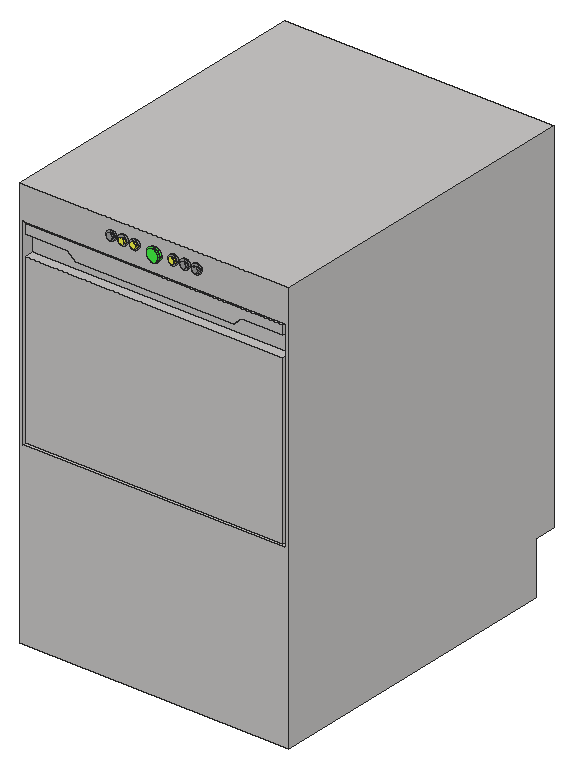
Revit family "QF_ZANUSSI_402238_ZSDIAG", category Specialty Equipment, Revit 2018
Family settings
  Round Connector Dimension = Use Diameter
  Part Type = Normal
  Work Plane-Based = No
  Always vertical = Yes
  Cut with Voids When Loaded = No
  Shared = No
  Room Calculation Point = No
Parameters
  Weight = 37.00 kg
  Watts = 0 W
  Volts = 0 V
  URL Manufacturer = ""
  URL = "http://professional.electrolux.com/"
  Steam Supply Size = 0 mm
  Steam Supply Minimum Pressure = 0.0 Pa
  Steam Supply Maximum Pressure = 0.0 Pa
  Steam Pounds per Hour = 0
  Show Logo [instance] = yes
  Show Clearance [instance] = yes
  Refrigeration Suction Line Size = 0 mm
  Refrigeration Liquid Line Size = 0 mm
  Refrigerant Compressor Remote = yes
  Manufacturer = ""
  Phase = 0
  Model = ""
  Length Actual = 460 mm  # constant formula
  Item Number = ""
  Hot Water Size = 0 mm
  Height Actual = 715 mm  # constant formula
  HP = "4.4 HP"
  Gas Size = 0 mm
  Gas KW = 0
  Gas Input Pressure = 0 W
  Direct Waste Size = 22 mm
  Description = ""
  Depth Actual = 565 mm  # constant formula
  Cycle = 0 Hz
  Condensate Return Size = 0 mm
  Compressed Air Volume = 0.0 L/s
  Compressed Air Size = 0 mm
  Compressed Air Pressure = 0.0 Pa
  Cold Water Size = 0 mm
  Accessory = yes
Types (2, lengths in mm): name | Volts | URL Manufacturer | URL | Manufacturer | Phase | Model | Item Number | Description | Cycle | Cold Water Size
  (no name) | 0 V | "" | "http://professional.electrolux.com/" | "" | 0 | "" | "" | "" | 0 Hz | 0
  Standard | 220 V | "http://professional.electrolux.com" | "http://professional.electrolux.com" | "Electrolux Professional" | 1 | "ESDIAG" | "402230" | "GLASSWASHER(S), INS. DOUBLE SKIN, WASH-SAFE, DP, DD, 30B/H" | 50 Hz | 19.05
Reference planes
  plane 1 "Center (Front/Back)": y = 0
  plane 2: z = 0
  plane 3 "Center (Left/Right)": x = 0
  plane 4 "LEFT": x = -230
  plane 5 "RIGHT": x = 230
  plane 6 "FRONT": y = -282.5
  plane 7 "BACK": y = 282.5
  plane 8: x = -202.5
  plane 9: x = 202.5
  plane 10: z = 715
  plane 11: z = 10
Forms (mm)
  Extrusion 1, solid, material "QF_Finishes_Stainless Steel"
    sketch origin (0, 0, 0) x (1, 0, 0) y (0, 1, 0)
      loop
        line (-230, -282.5) -> (230, -282.5) -> (230, 243.5) -> (-230, 243.5) -> (-230, -282.5)
    from 10 to 715
  Extrusion 2, solid, material "QF_Finishes_Stainless Steel"
    sketch origin (0, 0, 0) x (1, 0, 0) y (0, 1, 0)
      loop
        line (-230, 243.5) -> (230, 243.5) -> (230, 282.5) -> (-230, 282.5) -> (-230, 243.5)
    from 100 to 715
  Extrusion 3, solid, material "QF_Finishes_Stainless Steel"
    sketch origin (0, 0, 0) x (1, 0, 0) y (0, 1, 0)
      loop
        circle (-202.5, 184.5) r 12.5
      loop
        circle (202.5, 184.5) r 12.5
      loop
        circle (-202.5, -235.5) r 12.5
      loop
        circle (202.5, -235.5) r 12.5
    from 0 to 10
  Extrusion 4, void
    sketch origin (-230, -282.5, 0) x (-1, 0, 0) y (0, 0, 1)
      loop
        line (-5, 658.217) -> (-455, 658.217) -> (-455, 315) -> (-5, 315) -> (-5, 658.217)
    from 0 to 30
  Extrusion 5, solid, material "QF_Finishes_Stainless Steel"
    sketch origin (-53, -392, 738) x (0, 0, -1) y (1, 0, 0)
      loop
        circle (693, 213) r 10
    from -635.5 to -674.5
  Extrusion 6, solid, material "QF_Door-Drawer Clearances", visible <- "Show Clearance", detail levels coarse
    sketch origin (-230, -282.5, 0) x (0, 1, 0) y (0, 0, -1)
      loop
        line (0, -315) -> (-315, -315)
        arc (-315, -315) -> (-223.2, -545.869) -> (0, -655) r 344.605
        line (0, -655) -> (0, -315)
    from -10 to -450
  Extrusion 7, solid, material "QF_Finishes_Stainless Steel"
    sketch origin (-242.481, -392, 738) x (0, 0, -1) y (1, 0, 0)
      loop
        circle (663, 322.481) r 8
    from -635.5 to -674.5
  Extrusion 8, solid, material "QF_Finishes_Green"
    sketch origin (234, -282.5, -28.75) x (-1, 0, 0) y (0, 0, -1)
      loop
        circle (234, -714.569) r 10
    from 0 to 5
  Extrusion 9, solid, material "QF_Finishes_Gray"
    sketch origin (234, -282.5, -24.375) x (-1, 0, 0) y (0, 0, -1)
      loop
        circle (306.936, -713.972) r 5
    from 0 to 5
  Extrusion 10, solid, material "QF_Finishes_Stainless Steel"
    sketch origin (-230, -282.5, 0) x (0, 1, 0) y (0, 0, -1)
      loop
        line (0, -319.622) -> (0, -605) -> (15, -605) -> (15, -655) -> (25, -655) -> (25, -319.622) -> (0, -319.622)
    from -10 to -450
  Extrusion 11, solid, material "QF_Finishes_Stainless Steel"
    sketch origin (-230, -282.5, 0) x (0, 1, 0) y (0, 0, -1)
      loop
        line (15, -655) -> (15, -652.514) -> (2.5, -652.514) -> (2.5, -626.25) -> (0, -626.25) -> (0, -655) -> (15, -655)
    from -10 to -450
  Extrusion 12, void
    sketch origin (-230, -282.5, 655) x (0, 0, 1) y (1, 0, 0)
      loop
        line (-15.552, 10) -> (-15.552, 81.607) -> (-28.75, 94.804) -> (-28.75, 10) -> (-15.552, 10)
      loop
        line (-15.552, 450) -> (-28.75, 450) -> (-28.75, 365.196) -> (-15.552, 378.393) -> (-15.552, 450)
    from 0 to 2.5
  Extrusion 13, solid, material "QF_Finishes_Stainless Steel"
    sketch origin (-328, -392, 738) x (0, 0, -1) y (1, 0, 0)
      loop
        circle (663, 228) r 8
    from -635.5 to -674.5
  Extrusion 14, solid, material "QF_Finishes_Green"
    sketch origin (-230, -282.5, 0) x (1, 0, 0) y (0, 0, 1)
      loop
        circle (230, 685.819) r 12
      loop
        circle (230, 685.819) r 10
    from 0 to 2.5
  Extrusion 15, solid, material "QF_Finishes_Gray"
    sketch origin (-210, -282.5, -28.75) x (1, 0, 0) y (0, 0, 1)
      loop
        circle (262.936, 718.347) r 8
      loop
        circle (262.936, 718.347) r 5
      loop
        circle (242.936, 718.347) r 8
      loop
        circle (242.936, 718.347) r 5
      loop
        circle (282.936, 718.347) r 8
      loop
        circle (282.936, 718.347) r 5
    from 0 to 2.5
  Extrusion 16, solid, material "QF_Finishes_Gray"
    sketch origin (-234, -282.5, -24.375) x (1, 0, 0) y (0, 0, 1)
      loop
        circle (286.936, 713.972) r 5
      loop
        circle (306.936, 713.972) r 5
    from 0 to 5
  Extrusion 17, solid, material "QF_Finishes_Gray"
    sketch origin (210, -282.5, -28.75) x (-1, 0, 0) y (0, 0, -1)
      loop
        circle (262.936, -718.347) r 8
      loop
        circle (262.936, -718.347) r 5
      loop
        circle (242.936, -718.347) r 8
      loop
        circle (242.936, -718.347) r 5
      loop
        circle (282.936, -718.347) r 8
      loop
        circle (282.936, -718.347) r 5
    from 0 to 2.5
  Extrusion 18, solid, material "QF_Finishes_Yellow"
    sketch origin (254, -282.5, -24.375) x (-1, 0, 0) y (0, 0, -1)
      loop
        circle (306.936, -713.972) r 5
    from 0 to 5
  Extrusion 19, solid, material "QF_Finishes_Yellow"
    sketch origin (274, -282.5, -24.375) x (-1, 0, 0) y (0, 0, -1)
      loop
        circle (306.936, -713.972) r 5
    from 0 to 5
  Extrusion 20, solid, material "QF_Finishes_Yellow"
    sketch origin (339.871, -282.5, -24.375) x (-1, 0, 0) y (0, 0, -1)
      loop
        circle (306.936, -713.972) r 5
    from 0 to 5
Cuts and joins
  Extrusion 4 cuts Extrusion 1
  joined: Extrusion 1, Extrusion 2
  Extrusion 12 cuts Extrusion 10
  Extrusion 12 cuts Extrusion 11
Lines and regions (mm)
  Split face 1
    outline origin (-230, -282.5, 715) x (0, 0, -1) y (1, 0, 0)
      loop
        line (35, 0) -> (35, 60) -> (49.142, 74.142) -> (49.142, 214.142) -> (11.456, 214.142)
        arc (11.456, 214.142) -> (9.82, 214.82) -> (9.142, 216.456) r 2.314
        line (9.142, 216.456) -> (9.142, 230) -> (9.142, 243.544)
        arc (9.142, 243.544) -> (9.82, 245.18) -> (11.456, 245.858) r 2.314
        line (11.456, 245.858) -> (49.142, 245.858) -> (49.142, 385.858) -> (35, 400) -> (35, 460)
      loop
        line (56.783, 5) -> (56.783, 0)
      loop
        line (56.783, 455) -> (56.783, 460)
  symbolic lines
    curve 1: line (-230, 282.5, 0) -> (230, 282.5, 0)
    curve 2: line (-230, -282.5, 0) -> (-230, 282.5, 0)
    curve 3: line (230, -282.5, 0) -> (-230, -282.5, 0)
    curve 4: line (230, 282.5, 0) -> (230, -282.5, 0)
    curve 9: line (-80.94, -285, 0) -> (-80.94, -282.5, 0)
    curve 10: line (-64.948, -285, 0) -> (-64.948, -282.5, 0)
    curve 11: line (-77.926, -287.5, 0) -> (-67.936, -287.5, 0)
    curve 12: line (-67.936, -287.5, 0) -> (-67.936, -285, 0)
    curve 13: line (-77.926, -287.5, 0) -> (-77.926, -285, 0)
    curve 14: line (-60.936, -285, 0) -> (-44.936, -285, 0)
    curve 15: line (-44.936, -285, 0) -> (-44.936, -282.5, 0)
    curve 16: line (-60.936, -285, 0) -> (-60.936, -282.5, 0)
    curve 17: line (-57.936, -287.5, 0) -> (-47.936, -287.5, 0)
    curve 18: line (-47.936, -287.5, 0) -> (-47.936, -285, 0)
    curve 19: line (-57.936, -287.5, 0) -> (-57.936, -285, 0)
    curve 20: line (-40.936, -285, 0) -> (-24.936, -285, 0)
    curve 21: line (-24.936, -285, 0) -> (-24.936, -282.5, 0)
    curve 22: line (-40.936, -285, 0) -> (-40.936, -282.5, 0)
    curve 23: line (-37.936, -287.5, 0) -> (-27.936, -287.5, 0)
    curve 24: line (-27.936, -287.5, 0) -> (-27.936, -285, 0)
    curve 25: line (-37.936, -287.5, 0) -> (-37.936, -285, 0)
    curve 26: line (24.936, -285, 0) -> (40.936, -285, 0)
    curve 27: line (40.936, -285, 0) -> (40.936, -282.5, 0)
    curve 28: line (27.936, -287.5, 0) -> (37.936, -287.5, 0)
    curve 29: line (37.936, -287.5, 0) -> (37.936, -285, 0)
    curve 30: line (27.936, -287.5, 0) -> (27.936, -285, 0)
    curve 31: line (24.936, -285, 0) -> (24.936, -282.5, 0)
    curve 32: line (-12, -285, 0) -> (12, -285, 0)
    curve 33: line (12, -285, 0) -> (12, -282.5, 0)
    curve 34: line (-12, -285, 0) -> (-12, -282.5, 0)
    curve 35: line (-10, -287.5, 0) -> (10, -287.5, 0)
    curve 36: line (10, -287.5, 0) -> (10, -285, 0)
    curve 37: line (-10, -287.5, 0) -> (-10, -285, 0)
    curve 39: line (44.936, -285, 0) -> (60.936, -285, 0)
    curve 40: line (60.936, -285, 0) -> (60.936, -282.5, 0)
    curve 41: line (47.936, -287.5, 0) -> (57.936, -287.5, 0)
    curve 42: line (57.936, -287.5, 0) -> (57.936, -285, 0)
    curve 43: line (47.936, -287.5, 0) -> (47.936, -285, 0)
    curve 44: line (44.936, -285, 0) -> (44.936, -282.5, 0)
    curve 45: line (64.936, -285, 0) -> (80.936, -285, 0)
    curve 46: line (80.936, -285, 0) -> (80.936, -282.5, 0)
    curve 47: line (67.936, -287.5, 0) -> (77.936, -287.5, 0)
    curve 48: line (77.936, -287.5, 0) -> (77.936, -285, 0)
    curve 49: line (67.936, -287.5, 0) -> (67.936, -285, 0)
    curve 50: line (64.936, -285, 0) -> (64.936, -282.5, 0)
  symbolic lines, style "QF_Door-Drawer Clearances"
    curve 5: line (-220, -597.5, 0) -> (220, -597.5, 0)
    curve 6: line (220, -597.5, 0) -> (220, -282.5, 0)
    curve 7: line (-220, -597.5, 0) -> (-220, -282.5, 0)
  symbolic lines, style "SpecialityEquipment"
    curve 8: line (-80.94, -285, 0) -> (-64.948, -285, 0)
  symbolic lines, style "SpecialityEquipmentHiddenLines"
    curve 38: line (-230, 243.5, 0) -> (230, 243.5, 0)
Dimensions and locks
  equal spacing: plane 4 "LEFT", plane 3 "Center (Left/Right)", plane 5 "RIGHT"
  equal spacing: plane 7 "BACK", plane 1 "Center (Front/Back)", plane 6 "FRONT"
  plane 7 "BACK" to plane 6 "FRONT" = 565 mm
  plane 4 "LEFT" to plane 5 "RIGHT" = 460 mm
  plane 4 "LEFT" to plane 8 = 27.5 mm
  plane 9 to plane 5 "RIGHT" = 27.5 mm
  locked: plane 11 to level at 10
  plane 4 "LEFT" to plane 3 "Center (Left/Right)" = 230 mm
  plane 10 to level = 715 mm  (x2)
  plane 8 to plane 9 = 405 mm
  level to Extrusion 13 sketch curve = 75 mm
  Extrusion 13 sketch curve to plane 4 "LEFT" = 130 mm
  level to Extrusion 5 sketch curve = 45 mm
  Extrusion 5 sketch curve to plane 4 "LEFT" = 390 mm
  Extrusion 7 sketch curve to plane 4 "LEFT" = 310 mm
  level to Extrusion 7 sketch curve = 75 mm
  locked: Extrusion 3 to cut or joined group of Extrusion 1, Extrusion 2, Extrusion 4 at 98
  Extrusion 3 to Extrusion 3 = 420 mm
  locked: plane 6 "FRONT" to Extrusion 3 at 47
  plane 9 to plane 8 = 405 mm
  plane 7 "BACK" to curve 5 = 880 mm
  cut or joined group of Extrusion 10, Extrusion 12 to cut or joined group of Extrusion 1, Extrusion 2, Extrusion 4 = 290 mm
  aligned and locked: level to plane 2
  aligned and locked: Extrusion 1 sketch curve to plane 6 "FRONT"
  aligned and locked: Extrusion 1 sketch curve to plane 4 "LEFT"
  aligned and locked: plane 5 "RIGHT" to Extrusion 1 sketch curve
  aligned and locked: Extrusion 1 to plane 11
  aligned and locked: Extrusion 2 sketch curve to Extrusion 1  (x2)
  aligned and locked: plane 7 "BACK" to Extrusion 2 sketch curve
  aligned and locked: plane 5 "RIGHT" to Extrusion 2 sketch curve
  aligned and locked: plane 11 to Extrusion 3
  aligned and locked: Extrusion 2 to Extrusion 5
  aligned and locked: Extrusion 2 to Extrusion 7
  aligned and locked: plane 7 "BACK" to Extrusion 7
  aligned and locked: plane 7 "BACK" to Extrusion 5
  aligned and locked: cut or joined group of Extrusion 11, Extrusion 12 to Extrusion 12
  aligned and locked: plane 10 to Extrusion 2
Automatic sketch dimensions
  curve 1 to plane 4 "LEFT" = 0 mm
  curve 7 to plane 6 "FRONT" = 0 mm
  curve 4 to plane 5 "RIGHT" = 0 mm
  curve 2 to plane 7 "BACK" = 0 mm
  plane 4 "LEFT" to curve 5 = 10 mm
  curve 8 to plane 6 "FRONT" = 2.5 mm
  curve 8 to plane 3 "Center (Left/Right)" = 80.94 mm
  curve 8 to curve 11 = 3.013 mm
  curve 11 to curve 11 = 9.991 mm
  curve 12 to curve 10 = 2.987 mm
  curve 8 to curve 16 = 4.013 mm
  curve 14 to curve 19 = 3 mm
  curve 17 to plane 6 "FRONT" = 5 mm
  curve 17 to curve 17 = 10 mm
  curve 18 to curve 14 = 3 mm
  curve 14 to curve 20 = 4 mm
  curve 20 to curve 25 = 3 mm
  curve 24 to plane 6 "FRONT" = 5 mm
  curve 23 to curve 24 = 10 mm
  curve 24 to curve 21 = 3 mm
  curve 34 to plane 6 "FRONT" = 2.5 mm
  curve 34 to plane 3 "Center (Left/Right)" = 12 mm
  curve 32 to curve 37 = 2 mm
  plane 3 "Center (Left/Right)" to curve 36 = 10 mm
  curve 36 to curve 33 = 2 mm
  curve 26 to plane 6 "FRONT" = 2.5 mm
  curve 32 to curve 26 = 12.936 mm
  curve 26 to curve 30 = 3 mm
  curve 28 to plane 6 "FRONT" = 5 mm
  curve 28 to curve 28 = 10 mm
  curve 29 to curve 27 = 3 mm
  curve 26 to curve 44 = 4 mm
  curve 39 to curve 43 = 3 mm
  curve 41 to plane 6 "FRONT" = 5 mm
  curve 41 to curve 41 = 10 mm
  curve 42 to curve 39 = 3 mm
  curve 39 to curve 50 = 4 mm
  curve 45 to curve 47 = 3 mm
  curve 47 to plane 6 "FRONT" = 5 mm
  curve 47 to curve 47 = 10 mm
  curve 48 to curve 45 = 3 mm
  curve 6 to plane 5 "RIGHT" = 10 mm
  curve 35 to curve 36 = 2.5 mm
  curve 11 to curve 13 = 2.5 mm
  curve 15 to plane 6 "FRONT" = 2.5 mm
  curve 20 to plane 6 "FRONT" = 2.5 mm
  curve 40 to plane 6 "FRONT" = 2.5 mm
  curve 45 to plane 6 "FRONT" = 2.5 mm
  curve 38 to plane 7 "BACK" = 39 mm
  Extrusion 1 sketch curve to plane 7 "BACK" = 39 mm
  Extrusion 3 sketch curve to plane 8 = 0 mm  (x2)
  Extrusion 3 sketch curve to plane 9 = 0 mm  (x2)
  plane 6 "FRONT" to Extrusion 3 sketch curve = 47 mm  (x2)
  Extrusion 3 sketch curve to plane 7 "BACK" = 98 mm  (x2)
  Extrusion 4 sketch curve to Extrusion 1 = 5 mm  (x2)
  Extrusion 4 sketch curve to Extrusion 1 = 305 mm
  Extrusion 4 sketch curve to Extrusion 1 = 56.783 mm
  Extrusion 6 sketch curve to plane 6 "FRONT" = 0 mm
  Extrusion 6 sketch curve to plane 6 "FRONT" = 315 mm
  plane 6 "FRONT" to Extrusion 6 sketch curve = 29.589 mm
  Extrusion 6 sketch curve to plane 10 = 60 mm
  plane 11 to Extrusion 6 sketch curve = 305 mm
  Extrusion 8 sketch curve to Extrusion 8 sketch curve = 0 mm  (x2)
  Extrusion 8 sketch curve to plane 3 "Center (Left/Right)" = 0 mm
  Extrusion 8 sketch curve to plane 10 = 29.181 mm
  plane 3 "Center (Left/Right)" to Extrusion 8 sketch curve = 10 mm
  Extrusion 9 sketch curve to Extrusion 9 sketch curve = 0 mm  (x2)
  Extrusion 9 sketch curve to plane 10 = 25.403 mm
  Extrusion 9 sketch curve to plane 3 "Center (Left/Right)" = 72.936 mm
  Extrusion 9 sketch curve to Extrusion 9 sketch curve = 5 mm
  Extrusion 10 sketch curve to plane 6 "FRONT" = 0 mm
  plane 6 "FRONT" to Extrusion 10 sketch curve = 15 mm
  Extrusion 10 sketch curve to Extrusion 10 sketch curve = 25 mm
  Extrusion 10 sketch curve to plane 10 = 60 mm
  Extrusion 10 sketch curve to Extrusion 10 sketch curve = 50 mm
  Extrusion 10 sketch curve to Extrusion 10 sketch curve = 285.378 mm
  Extrusion 11 sketch curve to plane 6 "FRONT" = 0 mm
  Extrusion 11 sketch curve to Extrusion 11 sketch curve = 2.5 mm
  Extrusion 11 sketch curve to Extrusion 11 sketch curve = 12.5 mm
  Extrusion 11 sketch curve to plane 10 = 60 mm
  Extrusion 11 sketch curve to Extrusion 11 sketch curve = 2.486 mm
  Extrusion 11 sketch curve to Extrusion 11 sketch curve = 26.264 mm
  Extrusion 12 sketch curve to Extrusion 11 = 0 mm  (x3)
  Extrusion 11 to Extrusion 12 sketch curve = 0 mm
  Extrusion 12 sketch curve to Extrusion 11 = 13.198 mm  (x2)
  Extrusion 12 sketch curve to Extrusion 11 = 71.607 mm
  Extrusion 12 sketch curve to Extrusion 12 sketch curve = 13.198 mm  (x2)
  Extrusion 12 sketch curve to Extrusion 11 = 84.804 mm
  Extrusion 14 sketch curve to Extrusion 14 sketch curve = 0 mm  (x2)
  Extrusion 1 to Extrusion 14 sketch curve = 29.181 mm
  Extrusion 1 to Extrusion 14 sketch curve = 230 mm
  Extrusion 15 sketch curve to Extrusion 15 sketch curve = 0 mm  (x8)
  plane 3 "Center (Left/Right)" to Extrusion 15 sketch curve = 32.936 mm
  Extrusion 15 sketch curve to Extrusion 15 sketch curve = 20 mm  (x2)
  Extrusion 15 sketch curve to plane 10 = 25.403 mm
  Extrusion 16 sketch curve to Extrusion 16 sketch curve = 0 mm  (x5)
  Extrusion 16 sketch curve to plane 10 = 25.403 mm
  plane 3 "Center (Left/Right)" to Extrusion 16 sketch curve = 52.936 mm
  Extrusion 16 sketch curve to Extrusion 16 sketch curve = 20 mm
  Extrusion 16 sketch curve to Extrusion 16 sketch curve = 5 mm  (x2)
  Split face 1 sketch curve to cut or joined group of Extrusion 1, Extrusion 2, Extrusion 4 = 0 mm  (x6)
  cut or joined group of Extrusion 1, Extrusion 2, Extrusion 4 to Split face 1 sketch curve = 0 mm  (x2)
  cut or joined group of Extrusion 1, Extrusion 2, Extrusion 4 to Split face 1 sketch curve = 7.641 mm  (x2)
  Split face 1 sketch curve to Split face 1 sketch curve = 14.142 mm  (x4)
  Split face 1 sketch curve to cut or joined group of Extrusion 1, Extrusion 2, Extrusion 4 = 11.456 mm  (x2)
  Split face 1 sketch curve to cut or joined group of Extrusion 1, Extrusion 2, Extrusion 4 = 9.142 mm
  Split face 1 sketch curve to cut or joined group of Extrusion 1, Extrusion 2, Extrusion 4 = 55 mm
  Split face 1 sketch curve to Split face 1 sketch curve = 140 mm
  Split face 1 sketch curve to Split face 1 sketch curve = 13.544 mm  (x2)
  Split face 1 sketch curve to cut or joined group of Extrusion 1, Extrusion 2, Extrusion 4 = 69.142 mm
  Extrusion 17 sketch curve to Extrusion 17 sketch curve = 0 mm  (x8)
  Extrusion 17 sketch curve to plane 3 "Center (Left/Right)" = 32.936 mm
  Extrusion 17 sketch curve to Extrusion 17 sketch curve = 20 mm  (x2)
  Extrusion 17 sketch curve to plane 10 = 25.403 mm
  Extrusion 18 sketch curve to Extrusion 18 sketch curve = 0 mm  (x2)
  Extrusion 18 sketch curve to plane 10 = 25.403 mm
  Extrusion 18 sketch curve to plane 3 "Center (Left/Right)" = 52.936 mm
  Extrusion 18 sketch curve to Extrusion 18 sketch curve = 5 mm
  Extrusion 19 sketch curve to Extrusion 19 sketch curve = 0 mm  (x2)
  Extrusion 19 sketch curve to plane 3 "Center (Left/Right)" = 32.936 mm
  Extrusion 19 sketch curve to plane 10 = 25.403 mm
  Extrusion 19 sketch curve to Extrusion 19 sketch curve = 5 mm
  Extrusion 20 sketch curve to Extrusion 20 sketch curve = 0 mm  (x2)
  plane 3 "Center (Left/Right)" to Extrusion 20 sketch curve = 32.936 mm
  Extrusion 20 sketch curve to plane 10 = 25.403 mm
  Extrusion 20 sketch curve to Extrusion 20 sketch curve = 5 mm
  radius of Extrusion 5 sketch curve = 10 mm
  radius of Extrusion 7 sketch curve = 8 mm
  radius of Extrusion 13 sketch curve = 8 mm
  radius of Extrusion 3 sketch curve = 12.5 mm  (x4)
  radius of Extrusion 14 sketch curve = 12 mm
  radius of Extrusion 14 sketch curve = 10 mm
  radius of Extrusion 15 sketch curve = 8 mm  (x3)
  radius of Extrusion 15 sketch curve = 5 mm  (x3)
  radius of Extrusion 17 sketch curve = 8 mm  (x3)
  radius of Extrusion 17 sketch curve = 5 mm  (x3)
Connectors
  piping at (160, 282.5, 45), diameter 20
    settings: on Extrusion 5, index 1, connector inside diameter 609.6 mm, connector length 0 mm, flow factor 0, pipe flow 0.0 L/s, pressure drop 0.0 Pa, fitting loss kfactor 0, connector angle 0.00°, fixture units 0, engagement length 0 mm, angle of deflection 0.00°, flow configuration 1, flow direction 1, fitting loss method 0, system type 16, joint type 0, gender type 0, connector reference index -1, connector utility 0, adjustable connector no, is connector primary yes, connector description "Drain"
  piping at (80, 282.5, 75), driven by "Cold Water Size"
    settings: on Extrusion 7, index 3, connector diameter 0 mm, connector inside diameter 609.6 mm, connector length 0 mm, flow factor 0, pipe flow 0.0 L/s, pressure drop 0.0 Pa, fitting loss kfactor 0, connector angle 0.00°, fixture units 0, engagement length 0 mm, angle of deflection 0.00°, flow configuration 1, flow direction 1, fitting loss method 0, system type 20, joint type 0, gender type 0, connector reference index -1, connector utility 0, adjustable connector no, is connector primary no, connector description "Cold Water Inlet"
  electrical at (-100, 282.5, 75), driven by "Volts"
    settings: on Extrusion 13, index 4, voltage 0 V, apparent load 0 VA, apparent load phase1 0 VA, apparent load phase2 0 VA, apparent load phase3 0 VA, power factor 1, load classification "Altro", number of poles 1, system type 31, power factor state 1, is connector primary yes, connector utility no, sub classification motor no, connector description "Electrical Connection"
